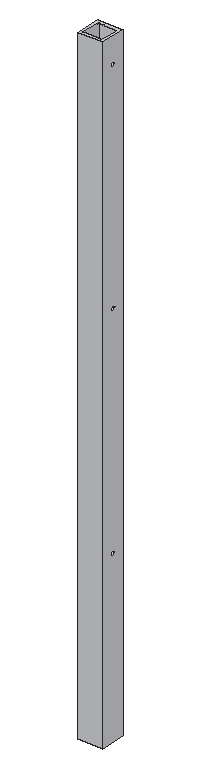
Revit family "Purlin", category Generic Models, Revit 2019
Family settings
  Can host rebar = No
  Round Connector Dimension = Use Diameter
  Part Type = Normal
  Work Plane-Based = No
  Always vertical = Yes
  Cut with Voids When Loaded = No
  Shared = No
  Room Calculation Point = No
Reference planes
  plane 1 "Center (Front/Back)": y = 0
  plane 2: z = 0
  plane 3 "Center (Left/Right)": x = 0
  plane 4: x = 50
  plane 5: x = 150
  plane 6: x = 390
  plane 7: z = 190
  plane 8: z = 230
  plane 9: y = -5
  plane 10: y = -25
  plane 11: y = 25
  plane 12: z = 1270
  plane 13: z = 1220
  plane 14: z = 780
  plane 15: z = 340
Forms (mm)
  Extrusion 1, solid
    sketch origin (390, 0, 0) x (-1, 0, 0) y (0, -1, 0)
      loop
        line (0, 25) -> (0, -25) -> (50, -25) -> (50, 25) -> (0, 25)
      loop
        line (45, 20) -> (5, 20) -> (5, -20) -> (45, -20) -> (45, 20)
    from 0 to 1270
  Extrusion 2, void
    sketch origin (390, 0, 0) x (0, -1, 0) y (0, 0, 1)
      loop
        circle (0, 1220) r 4.5
      loop
        circle (0, 780) r 4.5
      loop
        circle (0, 340) r 4.5
    from 0 to 50
Cuts and joins
  Extrusion 2 cuts Extrusion 1
Dimensions and locks
  Extrusion 1 to plane 1 "Center (Front/Back)" = 25 mm
  aligned and locked: level to plane 2
